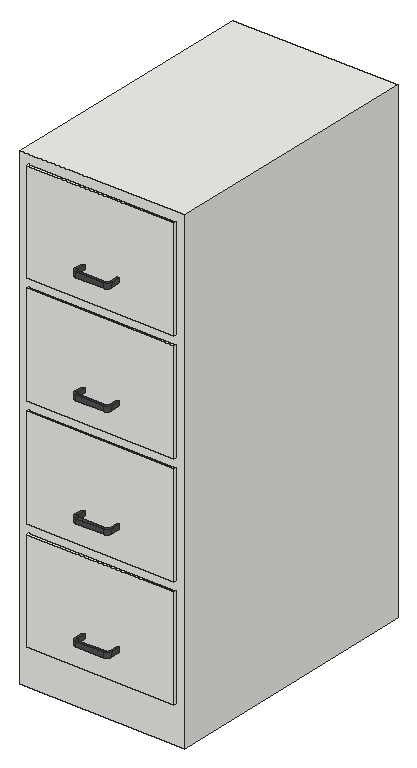
Revit family
Parameters (values of type "0457 x 0734mm")
  캐비닛 재료 = 금속 - 페인트 마감 - 아이보리색, 광택
  깊이 = 734.00 mm
  핸들 재료 = 금속 - 크롬
  높이 = 1320.00 mm
  폭 = 457.00 mm
Types (7, lengths in mm): name | 깊이 | 높이 | 폭
  (no name) | 734.00 | 1320.00 | 457.00
  0380 x 0457mm | 457.00 | 1320.00 | 380.00
  0380 x 0635mm | 635.00 | 1320.00 | 380.00
  0380 x 0734mm | 734.00 | 1320.00 | 380.00
  0457 x 0734mm | 734.00 | 1320.00 | 457.00
  0915 x 0380mm Lat. | 380.00 | 1346.00 | 915.00
  0915 x 0457mm Lat. | 457.00 | 1346.00 | 915.00
Reference planes
  plane 1 "중심(앞/뒤)": y = -142.134
  plane 2: z = 0
  plane 3 "중심(왼쪽/오른쪽)": x = -127.896
  plane 4: x = 100.604
  plane 5: x = -356.396
  plane 6: y = 224.866
  plane 7: y = -509.134
  plane 8: z = 1320
  plane 9: y = -515.484
Forms (mm)
  Extrusion 1, solid, material "금속 - 페인트 마감 - 아이보리색, 광택" <- "캐비닛 재료"
    sketch origin (0, 224.866, 0) x (1, 0, 0) y (0, 0, 1)
      loop
        line (-330.996, 1294.6) -> (-330.996, 1016) -> (75.204, 1016) -> (75.204, 1294.6) -> (-330.996, 1294.6)
      loop
        line (-330.996, 711.2) -> (75.204, 711.2) -> (75.204, 990.6) -> (-330.996, 990.6) -> (-330.996, 711.2)
      loop
        line (-330.996, 685.8) -> (-330.996, 406.4) -> (75.204, 406.4) -> (75.204, 685.8) -> (-330.996, 685.8)
      loop
        line (-330.996, 381) -> (-330.996, 101.6) -> (75.204, 101.6) -> (75.204, 381) -> (-330.996, 381)
    from 734 to 740.35
  Extrusion 2, solid, material "금속 - 페인트 마감 - 아이보리색, 광택" <- "캐비닛 재료"
    sketch origin (0, 0, 0) x (1, 0, 0) y (0, 1, 0)
      loop
        line (-356.396, 224.866) -> (-356.396, -509.134) -> (100.604, -509.134) -> (100.604, 224.866) -> (-356.396, 224.866)
    from 0 to 1320
  Sweep 3, solid, material "금속 - 크롬" <- "핸들 재료"
    path origin (0, 0, 0) x (1, 0, 0) y (0, 1, 0)
      loop
        line (-178.696, -515.484) -> (-178.696, -540.884)
        arc (-178.696, -540.884) -> (-174.977, -549.865) -> (-165.996, -553.584) r 12.7
        line (-165.996, -553.584) -> (-89.796, -553.584)
        arc (-89.796, -553.584) -> (-80.816, -549.865) -> (-77.096, -540.884) r 12.7
        line (-77.096, -540.884) -> (-77.096, -515.484)
    profile origin (0, -528.184, 0) x (1, 0, 0) y (0, 0, 1)
      loop
        line (-178.696, 177.8) -> (-172.346, 177.8) -> (-172.346, 190.5) -> (-178.696, 190.5) -> (-178.696, 177.8)
      loop
        line (-178.696, 482.6) -> (-172.346, 482.6) -> (-172.346, 495.3) -> (-178.696, 495.3) -> (-178.696, 482.6)
      loop
        line (-178.696, 787.4) -> (-172.346, 787.4) -> (-172.346, 800.1) -> (-178.696, 800.1) -> (-178.696, 787.4)
      loop
        line (-178.696, 1092.2) -> (-172.346, 1092.2) -> (-172.346, 1104.9) -> (-178.696, 1104.9) -> (-178.696, 1092.2)
Lines and regions (mm)
  Masking region 1
    outline origin (0, 0, 0) x (1, 0, 0) y (0, 1, 0)
      loop
        line (-356.396, 224.866) -> (-356.396, -509.134) -> (100.604, -509.134) -> (100.604, 224.866) -> (-356.396, 224.866)
  symbolic lines
    curve 1: line (-172.346, -540.884, 0) -> (-172.346, -509.134, 0)
    curve 2: line (-89.796, -547.234, 0) -> (-165.996, -547.234, 0)
    curve 3: line (-83.446, -509.134, 0) -> (-83.446, -540.884, 0)
    curve 4: arc (-89.796, -547.234, 0) -> (-85.306, -545.374, 0) -> (-83.446, -540.884, 0) r 6.35
    curve 5: arc (-172.346, -540.884, 0) -> (-170.487, -545.374, 0) -> (-165.996, -547.234, 0) r 6.35
Dimensions and locks
  equal spacing: plane 5, plane 3 "중심(왼쪽/오른쪽)", plane 4
  equal spacing: plane 7, plane 1 "중심(앞/뒤)", plane 6
  "폭": plane 5 to plane 4
  "깊이": plane 7 to plane 6
  "높이": plane 8 to plane 2
  plane 7 to plane 9 = 6.35 mm
  aligned and locked: plane 7 to Extrusion 1
  aligned and locked: Extrusion 1 to plane 9
  aligned and locked: Extrusion 2 to plane 8
  aligned and locked: Extrusion 2 to level
  aligned and locked: plane 6 to Masking region 1 sketch curve
  aligned and locked: plane 7 to Masking region 1 sketch curve
  aligned and locked: plane 4 to Masking region 1 sketch curve
  aligned and locked: Masking region 1 sketch curve to plane 5
  aligned and locked: curve 1 to Sweep 3
  aligned and locked: curve 2 to Sweep 3
  aligned and locked: curve 3 to Sweep 3
  aligned and locked: plane 7 to curve 1
  aligned and locked: plane 7 to curve 3
Automatic sketch dimensions
  Extrusion 1 sketch curve to plane 5 = 25.40 mm  (x3)
  Extrusion 1 sketch curve to Extrusion 1 sketch curve = 0.00 mm  (x2)
  plane 4 to Extrusion 1 sketch curve = 25.40 mm  (x3)
  level to Extrusion 1 sketch curve = 101.60 mm
  plane 8 to Extrusion 1 sketch curve = 25.40 mm
  Extrusion 1 sketch curve to Extrusion 1 sketch curve = 279.40 mm  (x3)
  Extrusion 1 sketch curve to Extrusion 1 sketch curve = 25.40 mm  (x3)
  Sweep 3 sketch curve to plane 9 = 0.00 mm  (x2)
  plane 9 to Sweep 3 sketch curve = 25.40 mm
  Sweep 3 sketch curve to plane 3 "중심(왼쪽/오른쪽)" = 50.80 mm
  Sweep 3 sketch curve to plane 3 "중심(왼쪽/오른쪽)" = 38.10 mm
  plane 3 "중심(왼쪽/오른쪽)" to Sweep 3 sketch curve = 38.10 mm
  Sweep 3 sketch curve to Sweep 3 sketch curve = 12.70 mm  (x5)
  Sweep 3 sketch curve to profile plane = 0.00 mm  (x4)
  Sweep 3 sketch curve to Sweep 3 sketch curve = 6.35 mm  (x4)
  level to Sweep 3 sketch curve = 177.80 mm
  Sweep 3 sketch curve to Sweep 3 sketch curve = 292.10 mm  (x3)
  Extrusion 2 sketch curve to plane 5 = 0.00 mm
  Extrusion 2 sketch curve to plane 4 = 0.00 mm
  Extrusion 2 sketch curve to plane 7 = 0.00 mm
  Extrusion 2 sketch curve to plane 6 = 0.00 mm
  curve 5 to curve 2 = 6.35 mm
  curve 4 to curve 4 = 6.35 mm
